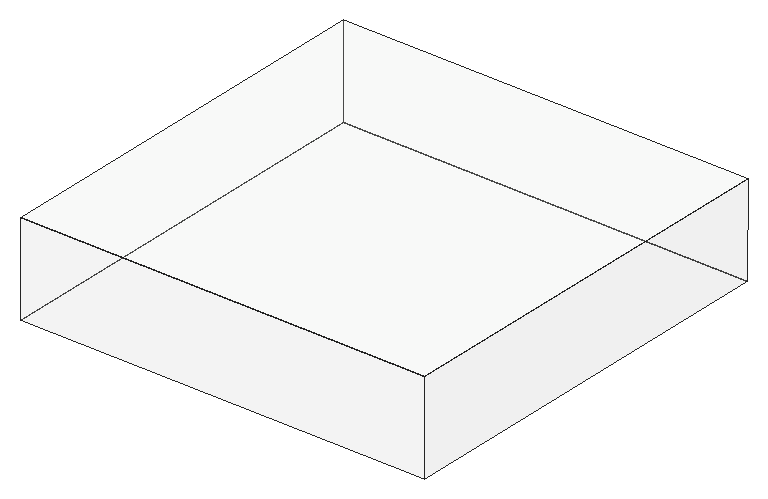
Revit family "Iluminação montada na superfície - Quadrada", category Luminárias, Revit 2019
Family settings
  Hospedeiro = Forro
  Cota do conector redondo = Utilizar diâmetro
  Tipo de parte = Normal
  Número OmniClass = 23.80.70.11
  Título OmniClass = Luminaries for Internal Lighting
  Sempre na vertical = Sim
  Corte com vazios quando carregada = Não
  Fonte luminosa = Sim
  Compartilhado = Não
  Ponto de cálculo do ambiente = Não
Parameters
  Largura = 307.00 mm
  Wattage = 100 W
  built-in parameter 1150110 = 1 (stored number, unit not read)
  built-in parameter 1114217 = 1 (stored number, unit not read)
  built-in parameter 1150109 = 1 (stored number, unit not read)
  built-in parameter 1150134 = (empty or 0)
  built-in parameter 1150113 = 1 (stored number, unit not read)
  Lumens = 14854.2 lm
  built-in parameter 1150115 = 1 (stored number, unit not read)
  built-in parameter 1150105 = 4728.2 (stored number, unit not read)
  Light Source Symbol Size = Largura - 50.00 mm  # 257.00 mm
  built-in parameter 1150137 = (empty or 0)
  built-in parameter 1150139 = (empty or 0)
  Material da luminária = Vidro, Branco, Alta Luminosidade
  Comprimento = 307.00 mm
  built-in parameter 1150112 = 1 (stored number, unit not read)
  built-in parameter 1150114 = 1 (stored number, unit not read)
  built-in parameter 1150132 = (empty or 0)
  built-in parameter 1150102 = (empty or 0)
  built-in parameter 1150138 = (empty or 0)
  built-in parameter 1150107 = 3000 (stored number, unit not read)
  built-in parameter 1150106 = 47.282 (stored number, unit not read)
  Altura = 70.00 mm
  Emit from Rectangle Width = Largura - 50.00 mm  # 257.00 mm
  Emit from Rectangle Length = Comprimento - 50.00 mm  # 257.00 mm
  Emit Shape Visible in Rendering = no
  built-in parameter 1150104 = 13.8 (stored number, unit not read)
  Dimming Lamp Color Temperature Shift = (empty or 0)
  Color Filter = 16777215
  built-in parameter 1114218 = 1 (stored number, unit not read)
  built-in parameter 1150133 = 10 (stored number, unit not read)
Reference planes
  plane 1 "Eixo de origem da luz (F/T)": y = 0
  plane 2 "Forro": z = 2438.4
  plane 3 "Eixo de origem da luz (E/D)": x = 0
  plane 4 "Elevação da origem da luz": z = 2403.4
  plane 5: y = 153.5
  plane 6: y = -153.5
  plane 7: x = -153.5
  plane 8: x = 153.5
  plane 9: z = 2368.4
Forms (mm)
  Extrusion 1, solid, material "Vidro, Branco, Alta Luminosidade" <- "Material da luminária"
    sketch origin (0, 0, 2403.4) x (0, -1, 0) y (1, 0, 0)
      loop
        line (-153.5, -153.5) -> (153.5, -153.5) -> (153.5, 153.5) -> (-153.5, 153.5) -> (-153.5, -153.5)
    from -35 to 35
Dimensions and locks
  equal spacing: host sketch curve, plane 3 "Eixo de origem da luz (E/D)", host sketch curve
  equal spacing: host sketch curve, plane 1 "Eixo de origem da luz (F/T)", host sketch curve
  host sketch curve to host sketch curve = 3048.00 mm  (x2)
  "Comprimento": plane 7 to plane 8
  "Largura": plane 5 to plane 6
  equal spacing: plane 7, plane 3 "Eixo de origem da luz (E/D)", plane 8
  equal spacing: plane 5, plane 1 "Eixo de origem da luz (F/T)", plane 6
  "Altura": plane 2 "Forro" to plane 9
  equal spacing: plane 2 "Forro", plane 4 "Elevação da origem da luz", plane 9
  aligned and locked: plane 1 "Eixo de origem da luz (F/T)" to imposter light
  aligned and locked: plane 7 to Extrusion 1 sketch curve
  aligned and locked: Extrusion 1 sketch curve to plane 8
  aligned and locked: Extrusion 1 sketch curve to plane 5
  aligned and locked: plane 6 to Extrusion 1 sketch curve
  aligned and locked: plane 2 "Forro" to Extrusion 1
  aligned and locked: Extrusion 1 to plane 9
  aligned and locked: plane 3 "Eixo de origem da luz (E/D)" to imposter light
  aligned and locked: plane 9 to imposter light
